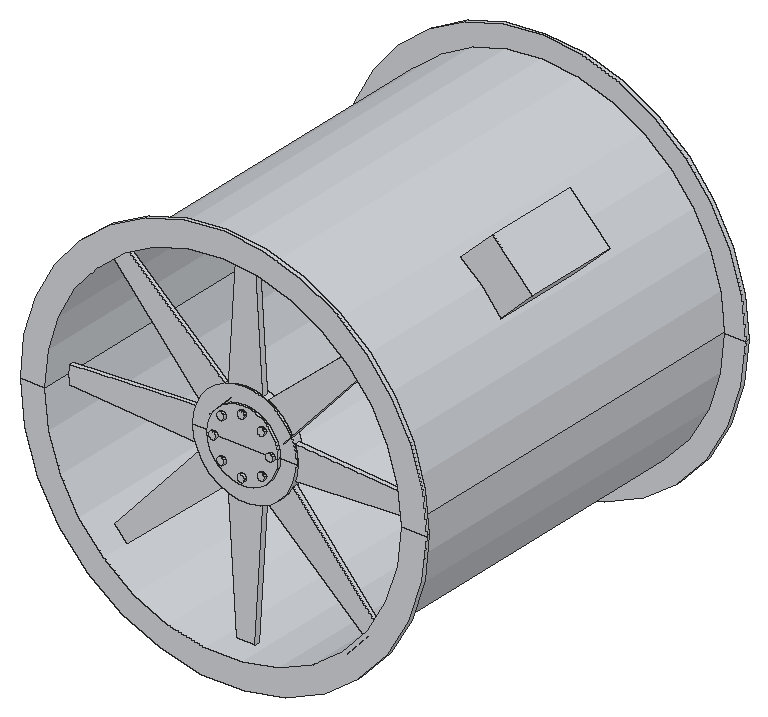
Revit family "CADS_Vent-Axia_MechEquip_Fan_LCA_500_3Ph4P - SUPPLY", category Mechanical Equipment, Revit 2020
Family settings
  Round Connector Dimension = Use Diameter
  Part Type = Normal
  OmniClass Number = 23.75.00.00
  OmniClass Title = Climate Control (HVAC)
  Work Plane-Based = No
  Always vertical = Yes
  Cut with Voids When Loaded = No
  Shared = No
  Room Calculation Point = No
Parameters (values of type "LCA503410")
  nr = NominalDiameter / 2  # 250 mm
  WorkingPressure = 0.0 Pa
  WarrantyStartDate [instance] = "1900-12-31T23:59:59"
  WarrantyPeriod = ""
  WarrantyIdentifier = "N/A"
  WarrantyGuarantorParts = "tech@vent-axia.com"
  WarrantyGuarantorLabor = "tech@vent-axia.com"
  WarrantyGuarantor = "Vent-Axia Limited"
  WarrantyEndDate [instance] = "1900-12-31T23:59:59"
  WarrantyContent = ""
  TemperatureRange = ""
  TagNumber [instance] = "N/A"
  SustainabilityPerformance = ""
  Status = "New"
  Size = ""
  Shape = ""
  ServiceLifeType = ""
  ServiceLifeDuration = ""
  SerialNumber [instance] = "N/A"
  ReplacementCost = ""
  RatedVoltage = 0 V
  RatedCurrent = 0 A
  Quantity = 1
  ProductionYear = ""
  PressureCurve = ""
  PowerFactor = ""
  PointOfContact = ""
  NumberOfPoles = 0
  NominalWidth = 500 mm
  NominalLength = 565 mm
  NominalHeight = 500 mm
  NominalFrequencyRange = ""
  NominalDiameter = 500 mm
  ModelReference = "LCAX 500mm 3PH 4P 10DEG"
  ModelNumber = "LCA503410"
  Material = ""
  ManufacturerE-Mail = "tech@vent-axia.com"
  ManufacturerAddress = "Fleming Way\nCrawley \nRH10 9YX"
  IsExtendedWarranty = no
  InsulationStandardClass = ""
  InstallationDate [instance] = "1900-12-31T23:59:59"
  IfcExportType [instance] = ""
  IfcExportAs = "IfcFanType"
  IP_Code = ""
  HasProtectiveEarth = no
  GrossWeight = 0.00 kg
  Grade = ""
  GlobalTradeItemNumber [instance] = "N/A"
  Fitting Type = "Ignore"
  Finish = ""
  Features = ""
  ExteriorInsulation = no
  ExpectedServiceLife = 0
  Exclusions = ""
  DurationUnit = "Year"
  Default Elevation = 0 mm
  Constituents = ""
  ConductorFunction = ""
  Color = ""
  CodePerformance = ""
  Category = ""
  CADS_Usage = 0
  CADS_Index = 0
  AssetType = "FIXED"
  AssetIdentifier [instance] = "N/A"
  AssemblyPlace = "UNKNOWN"
  ArticleNumber [instance] = "N/A"
  AirflowRateRange = 0.0 L/s
  Air Flow [instance] = 0.0 L/s
  AccessibilityPerformance = ""
Types (16, lengths in mm): name | ModelReference | ModelNumber
  LCA503410 | "LCAX 500mm 3PH 4P 10DEG" | "LCA503410"
  LCA503412 | "LCAX 500mm 3PH 4P 12DEG" | "LCA503412"
  LCA503414 | "LCAX 500mm 3PH 4P 14DEG" | "LCA503414"
  LCA503416 | "LCAX 500mm 3PH 4P 16DEG" | "LCA503416"
  LCA503418 | "LCAX 500mm 3PH 4P 18DEG" | "LCA503418"
  LCA503420 | "LCAX 500mm 3PH 4P 20DEG" | "LCA503420"
  LCA503422 | "LCAX 500mm 3PH 4P 22DEG" | "LCA503422"
  LCA503424 | "LCAX 500mm 3PH 4P 24DEG" | "LCA503424"
  LCA503426 | "LCAX 500mm 3PH 4P 26DEG" | "LCA503426"
  LCA503428 | "LCAX 500mm 3PH 4P 28DEG" | "LCA503428"
  LCA503430 | "LCAX 500mm 3PH 4P 30DEG" | "LCA503430"
  LCA503432 | "LCAX 500mm 3PH 4P 32DEG" | "LCA503432"
  LCA503434 | "LCAX 500mm 3PH 4P 34DEG" | "LCA503434"
  LCA503436 | "LCAX 500mm 3PH 4P 36DEG" | "LCA503436"
  LCA503438 | "LCAX 500mm 3PH 4P 38DEG" | "LCA503438"
  LCA503440 | "LCAX 500mm 3PH 4P 40DEG" | "LCA503440"
Reference planes
  plane 1 "Center (Front/Back)": y = 0
  plane 2: z = 0
  plane 3 "Center (Left/Right)": x = 0
  plane 4: x = -250
  plane 5: x = 250
  plane 6 "F": y = -282.5
  plane 7 "B": y = 282.5
  plane 8: x = -285
  plane 9: y = 277.5
  plane 10: y = -277.5
  plane 11: x = -255
  plane 12: y = -242.5
  plane 13 "top": z = 250
  plane 14: z = -250
  plane 15 "45deg": through (0, -1524, 0) normal (-0.7071, 0, -0.7071)
  plane 16 "C": through (0, -1524, 0) normal (-0.7071, 0, 0.7071)
Forms (mm)
  Revolve 1, solid
    sketch origin (0, 0, 0) x (1, 0, 0) y (0, 1, 0)
      loop
        line (-285, -282.5) -> (-250, -282.5) -> (-250, 282.5) -> (-285, 282.5) -> (-285, 277.5) -> (-255, 277.5) -> (-255, -277.5) -> (-285, -277.5) -> (-285, -282.5)
      axis (0, 282.5) -> (0, -282.5)
    angle from 0 to 360
  Sweep 2, solid
    path origin (0, 0, 0) x (1, 0, 0) y (0, 0, 1)
      loop
        line (176.777, 176.777) -> (222.739, 222.739)
    profile origin (199.758, 0, 199.758) x (-0.707107, 0, 0.707107) y (0, -1, 0)
      loop
        line (37.5, 55) -> (-42.73, 55) -> (-42.73, -79.5) -> (37.5, -79.5) -> (37.5, 55)
Dimensions and locks
  equal spacing: plane 4, plane 3 "Center (Left/Right)", plane 5
  equal spacing: plane 7 "B", plane 1 "Center (Front/Back)", plane 6 "F"
  "NominalLength": plane 7 "B" to plane 6 "F"
  "NominalDiameter": plane 4 to plane 5
  locked: plane 11 to plane 4 at 5
  locked: plane 8 to plane 11 at 30
  locked: plane 6 "F" to plane 10 at 5
  locked: plane 7 "B" to plane 9 at 5
  locked: plane 6 "F" to plane 12 at 40
  equal spacing: plane 13 "top", level, plane 14
  "NominalDiameter": plane 13 "top" to plane 14
  "nr": Sweep 2 sketch curve to nested 13
  Sweep 2 sketch curve to Sweep 2 sketch curve = 65 mm
  aligned and locked: level to plane 2
  aligned and locked: nested 1 to plane 12
Automatic sketch dimensions
  plane 6 "F" to Revolve 1 sketch curve = 0 mm
  Revolve 1 sketch curve to plane 8 = 0 mm  (x2)
  plane 10 to Revolve 1 sketch curve = 0 mm
  Revolve 1 sketch curve to plane 11 = 0 mm
  Revolve 1 sketch curve to plane 4 = 0 mm
  Revolve 1 sketch curve to plane 3 "Center (Left/Right)" = 0 mm
  plane 1 "Center (Front/Back)" to Revolve 1 sketch curve = 0 mm
  Revolve 1 sketch curve to plane 9 = 0 mm
  Revolve 1 sketch curve to plane 7 "B" = 0 mm
  plane 6 "F" to Revolve 1 sketch curve = 115 mm
  plane 1 "Center (Front/Back)" to Sweep 2 sketch curve = 55 mm
  Sweep 2 sketch curve to profile plane = 37.5 mm
  Sweep 2 sketch curve to Sweep 2 sketch curve = 80.23 mm
  Sweep 2 sketch curve to Sweep 2 sketch curve = 134.5 mm
  Sweep 2 sketch curve to plane 16 "C" = 0 mm  (x2)
Nested families
  nested 1: "Fan for ESC" at (0, -242.5, 0), ND <- "NominalDiameter", type "Fan for ESC"
    with hub 50 mm, ND 500 mm, BoltPCD 40 mm, Bolt Count 8, B_Diam 10 mm
  nested 2: "Bolts" at (0, -251.672, -40) x (-1, 0, 0) z (0, 1, 0), type "Bolts"
    with bd 10 mm
  nested 3: "Bolts" at (-28.284, -251.672, -28.284) x (-0.7071, 0, 0.7071) z (0, 1, 0), type "Bolts"
    with bd 10 mm
  nested 4: "Bolts" at (-40, -251.672, 0) x (0, 0, 1) z (0, 1, 0), type "Bolts"
    with bd 10 mm
  nested 5: "Bolts" at (-28.284, -251.672, 28.284) x (0.7071, 0, 0.7071) z (0, 1, 0), type "Bolts"
    with bd 10 mm
  nested 6: "Bolts" at (28.284, -251.672, 28.284) x (0.7071, 0, -0.7071) z (0, 1, 0), type "Bolts"
    with bd 10 mm
  nested 7: "Bolts" at (0, -251.672, 40) x (1, 0, 0) z (0, 1, 0), type "Bolts"
    with bd 10 mm
  nested 8: "ESC Blade" at (0, -242.5, 0), type "ESC Blade"
    with a 20.00°, HR 50 mm, HD 100 mm, BT 25 mm, BR 200 mm, BH 40 mm, BD 500 mm, BB 50 mm
  nested 9: "ESC Blade" at (0, -242.5, 0) x (0.7071, 0, -0.7071) z (0.7071, 0, 0.7071), type "ESC Blade"
    with a 20.00°, HR 50 mm, HD 100 mm, BT 25 mm, BR 200 mm, BH 40 mm, BD 500 mm, BB 50 mm
  nested 10: "ESC Blade" at (0, -242.5, 0) x (0, 0, -1) z (1, 0, 0), type "ESC Blade"
    with a 20.00°, HR 50 mm, HD 100 mm, BT 25 mm, BR 200 mm, BH 40 mm, BD 500 mm, BB 50 mm
  nested 11: "ESC Blade" at (0, -242.5, 0) x (-0.7071, 0, -0.7071) z (0.7071, 0, -0.7071), type "ESC Blade"
    with a 20.00°, HR 50 mm, HD 100 mm, BT 25 mm, BR 200 mm, BH 40 mm, BD 500 mm, BB 50 mm
  nested 12: "ESC Blade" at (0, -242.5, 0) x (-1, 0, 0) z (0, 0, -1), type "ESC Blade"
    with a 20.00°, HR 50 mm, HD 100 mm, BT 25 mm, BR 200 mm, BH 40 mm, BD 500 mm, BB 50 mm
  nested 13: "ESC Blade" at (0, -242.5, 0) x (-0.7071, 0, -0.7071) z (-0.7071, 0, 0.7071), type "ESC Blade"
    with a 20.00°, HR 50 mm, HD 100 mm, BT 25 mm, BR 200 mm, BH 40 mm, BD 500 mm, BB 50 mm
  nested 14: "ESC Blade" at (0, -242.5, 0) x (0, 0, -1) z (-1, 0, 0), type "ESC Blade"
    with a 20.00°, HR 50 mm, HD 100 mm, BT 25 mm, BR 200 mm, BH 40 mm, BD 500 mm, BB 50 mm
  nested 15: "ESC Blade" at (0, -242.5, 0) x (0.7071, 0, -0.7071) z (-0.7071, 0, -0.7071), type "ESC Blade"
    with a 20.00°, HR 50 mm, HD 100 mm, BT 25 mm, BR 200 mm, BH 40 mm, BD 500 mm, BB 50 mm
  nested 16: "Bolts" at (40, -251.672, 0) x (0, 0, -1) z (0, 1, 0), type "Bolts"
    with bd 10 mm
  nested 17: "Bolts" at (28.284, -251.672, -28.284) x (-0.7071, 0, -0.7071) z (0, 1, 0), type "Bolts"
    with bd 10 mm
Connectors
  hvac at (0, -282.5, 0), driven by "NominalDiameter", driven by "Air Flow"
    settings: on Revolve 1, index 1, duct flow 0.0 L/s, flow factor 0, pres drop 0.0 Pa, loss coef 0, conn angle 0.00°, conn width 304.8 mm, conn height 304.8 mm, conn diameter 500 mm, duct sys type 1, conn prof type 0, flow config 1, flow direction 1, loss method 0, conn ref index -1, conn util no, is conn primary yes, conn desc ""
  hvac at (0, 282.5, 0), driven by "NominalDiameter", driven by "Air Flow"
    settings: on Revolve 1, index 2, duct flow 0.0 L/s, flow factor 0, pres drop 0.0 Pa, loss coef 0, conn angle 0.00°, conn width 304.8 mm, conn height 304.8 mm, conn diameter 500 mm, duct sys type 1, conn prof type 0, flow config 0, flow direction 2, loss method 0, conn ref index -1, conn util no, is conn primary no, conn desc ""
Definition of nested family "Fan for ESC"
  Parameters (values of type "Fan for ESC")
    hub [instance] = ND / 10  # 56.7 mm
    ND [instance] = 567 mm
    Model = "."
    Default Elevation = 0 mm
    BoltPCD [instance] = hub - (hub * 0.2)  # 45.36 mm
    Bolt Count [instance] = if(hub < 50 mm, 6, 8)  # 8
    B_Diam [instance] = if(hub < 50 mm, 5 mm, 10 mm)  # 10 mm
  Reference planes
    plane 1 "Center (Front/Back)": y = 0
    plane 2: z = 0
    plane 3 "Center (Left/Right)": x = 0
    plane 4 "back": y = 20
    plane 5 "bolts": y = -9.172
    plane 6 "B": z = 56.7
    plane 7: x = -79.287
    plane 8: x = -56.7
    plane 9 "hubface": y = -6.172
  Forms (mm)
    Revolve 1, solid
      sketch origin (0, 0, 0) x (1, 0, 0) y (0, 1, 0)
        loop
          line (0, 20) -> (-56.7, 20) -> (-56.7, 10.504) -> (-79.287, 10.504) -> (-79.287, -2.597) -> (-56.7, -2.597) -> (-56.7, -6.172) -> (0, -6.172) -> (0, 20)
        axis (0, 20) -> (0, -6.172)
      angle from 0 to 360
    Extrusion 2, solid, not visible
      sketch origin (0, -6.347, -4) x (-1, 0, 0) y (0, 0, 1)
        loop
          circle (0, 84) r 5
      from 0 to 3
  Lines and regions (mm)
    symbolic lines
      curve 1: circle (0, -9.172, 0) r 45.36 normal (0, 1, 0)
    model lines, not visible
      curve 2: line (0, -6.347, 85) -> (0, -6.347, 75)
  Dimensions and locks
    "hub": plane 6 "B" to plane 2
    "hub": nested 3 to plane 3 "Center (Left/Right)"
    "hub": nested 4 to plane 3 "Center (Left/Right)"
    "hub": nested 5 to plane 3 "Center (Left/Right)"
    "hub": plane 3 "Center (Left/Right)" to nested 6
    "hub": Revolve 1 sketch curve to Revolve 1 sketch curve
    "hub": plane 3 "Center (Left/Right)" to nested 7
    "hub": plane 3 "Center (Left/Right)" to nested 8
    "hub": plane 3 "Center (Left/Right)" to nested 9
    "hub": plane 8 to plane 3 "Center (Left/Right)"
    plane 7 to plane 8 = 22.587 mm
    diameter of Extrusion 2 sketch curve = 10 mm
    "BoltPCD": radius of curve 1
    "BoltPCD": radius of radial array
    aligned and locked: level to plane 2
    aligned and locked: plane 6 "B" to nested 1
  Automatic sketch dimensions
    Revolve 1 sketch curve to plane 7 = 0 mm
    Revolve 1 sketch curve to plane 8 = 0 mm  (x2)
    Revolve 1 sketch curve to plane 3 "Center (Left/Right)" = 0 mm
    Revolve 1 sketch curve to plane 9 "hubface" = 0 mm
    plane 4 "back" to Revolve 1 sketch curve = 0 mm
    plane 1 "Center (Front/Back)" to Revolve 1 sketch curve = 2.597 mm
    plane 4 "back" to Revolve 1 sketch curve = 9.496 mm
    Revolve 1 sketch curve to Revolve 1 sketch curve = 5 mm
    Revolve 1 sketch curve to plane 4 "back" = 45 mm
    curve 1 to level = 0 mm
    curve 1 to plane 3 "Center (Left/Right)" = 0 mm
  Nested families
    nested 1: "ESC Blade" at (0, 0, 0), BD <- "ND", HD <- "hub", type "ESC Blade"
      with a 20.00°, HR 56.7 mm, HD 113.4 mm, BT 28.35 mm, BR 226.8 mm, BH 40 mm, BD 567 mm, BB 56.7 mm
    nested 2: "ESC Blade" at (0, 0, 755), BD <- "ND", HD <- "hub", type "ESC Blade", not visible
      with a 20.00°, HR 56.7 mm, HD 113.4 mm, BT 28.35 mm, BR 226.8 mm, BH 40 mm, BD 567 mm, BB 56.7 mm
    nested 3: "ESC Blade" at (0, 0, 0) x (0.7071, 0, -0.7071) z (0.7071, 0, 0.7071), BD <- "ND", HD <- "hub", type "ESC Blade"
      with a 20.00°, HR 56.7 mm, HD 113.4 mm, BT 28.35 mm, BR 226.8 mm, BH 40 mm, BD 567 mm, BB 56.7 mm
    nested 4: "ESC Blade" at (0, 0, 0) x (0, 0, -1) z (1, 0, 0), BD <- "ND", HD <- "hub", type "ESC Blade"
      with a 20.00°, HR 56.7 mm, HD 113.4 mm, BT 28.35 mm, BR 226.8 mm, BH 40 mm, BD 567 mm, BB 56.7 mm
    nested 5: "ESC Blade" at (0, 0, 0) x (-0.7071, 0, -0.7071) z (0.7071, 0, -0.7071), BD <- "ND", HD <- "hub", type "ESC Blade"
      with a 20.00°, HR 56.7 mm, HD 113.4 mm, BT 28.35 mm, BR 226.8 mm, BH 40 mm, BD 567 mm, BB 56.7 mm
    nested 6: "ESC Blade" at (0, 0, 0) x (-1, 0, 0) z (0, 0, -1), BD <- "ND", HD <- "hub", type "ESC Blade"
      with a 20.00°, HR 56.7 mm, HD 113.4 mm, BT 28.35 mm, BR 226.8 mm, BH 40 mm, BD 567 mm, BB 56.7 mm
    nested 7: "ESC Blade" at (0, 0, 0) x (-0.7071, 0, -0.7071) z (-0.7071, 0, 0.7071), BD <- "ND", HD <- "hub", type "ESC Blade"
      with a 20.00°, HR 56.7 mm, HD 113.4 mm, BT 28.35 mm, BR 226.8 mm, BH 40 mm, BD 567 mm, BB 56.7 mm
    nested 8: "ESC Blade" at (0, 0, 0) x (0, 0, -1) z (-1, 0, 0), BD <- "ND", HD <- "hub", type "ESC Blade"
      with a 20.00°, HR 56.7 mm, HD 113.4 mm, BT 28.35 mm, BR 226.8 mm, BH 40 mm, BD 567 mm, BB 56.7 mm
    nested 9: "ESC Blade" at (0, 0, 0) x (0.7071, 0, -0.7071) z (-0.7071, 0, -0.7071), BD <- "ND", HD <- "hub", type "ESC Blade"
      with a 20.00°, HR 56.7 mm, HD 113.4 mm, BT 28.35 mm, BR 226.8 mm, BH 40 mm, BD 567 mm, BB 56.7 mm
    nested 10: "Bolts" at (0, -9.172, 45.36) x (1, 0, 0) z (0, 1, 0), bd <- "B_Diam", type "Bolts"
      with bd 10 mm
    nested 11: "Bolts" at (32.074, -9.172, 32.074) x (0.7071, 0, -0.7071) z (0, 1, 0), bd <- "B_Diam", type "Bolts"
      with bd 10 mm
    nested 12: "Bolts" at (-32.074, -9.172, 32.074) x (0.7071, 0, 0.7071) z (0, 1, 0), bd <- "B_Diam", type "Bolts"
      with bd 10 mm
    nested 13: "Bolts" at (-45.36, -9.172, 0) x (0, 0, 1) z (0, 1, 0), bd <- "B_Diam", type "Bolts"
      with bd 10 mm
    nested 14: "Bolts" at (-32.074, -9.172, -32.074) x (-0.7071, 0, 0.7071) z (0, 1, 0), bd <- "B_Diam", type "Bolts"
      with bd 10 mm
    nested 15: "Bolts" at (0, -9.172, -45.36) x (-1, 0, 0) z (0, 1, 0), bd <- "B_Diam", type "Bolts"
      with bd 10 mm
    nested 16: "Bolts" at (32.074, -9.172, -32.074) x (-0.7071, 0, -0.7071) z (0, 1, 0), bd <- "B_Diam", type "Bolts"
      with bd 10 mm
    nested 17: "Bolts" at (45.36, -9.172, 0) x (0, 0, -1) z (0, 1, 0), bd <- "B_Diam", type "Bolts"
      with bd 10 mm
  Definition of nested family "ESC Blade"
    Parameters (values of type "ESC Blade")
      a [instance] = 20.00°
      HR [instance] = HD / 2  # 30 mm
      HD [instance] = BD / 5  # 60 mm
      Default Elevation = 1219.2 mm
      BT [instance] = BD / 20  # 15 mm
      BR [instance] = (BD / 2) - HR  # 120 mm
      BH [instance] = 40 mm
      BD [instance] = 300 mm
      BB [instance] = BD / 10  # 30 mm
    Reference planes
      plane 1 "Center (Front/Back)": y = 0
      plane 2: z = 0
      plane 3 "Center (Left/Right)": x = 0
      plane 4 "Blade Bot": z = 30
      plane 5: x = -15
      plane 6: x = 15
      plane 7: x = -7.5
      plane 8: x = 7.5
    Forms (mm)
      Blend 1, solid
        base sketch origin (0, 0, 30) x (-1, 0, 0) y (0, -1, 0)
          loop
            line (15, 0) -> (-15, 0) -> (-15, -6) -> (15, -6) -> (15, 0)
        top sketch origin (0, 0, 30) x (-1, 0, 0) y (0, -1, 0)
          loop
            line (7.5, -6) -> (7.5, 0) -> (-7.5, 0) -> (-7.5, -6) -> (7.5, -6)
        from 0 to 120 <- "BR"
    Dimensions and locks
      "HR": plane 4 "Blade Bot" to level
      equal spacing: plane 8, plane 3 "Center (Left/Right)", plane 7
      "BT": plane 8 to plane 7
      equal spacing: plane 6, plane 3 "Center (Left/Right)", plane 5
      "BB": plane 6 to plane 5
      aligned and locked: level to plane 2
    Automatic sketch dimensions
      plane 1 "Center (Front/Back)" to Blend 1 sketch curve = 0 mm  (x2)
      Blend 1 sketch curve to plane 6 = 0 mm
      Blend 1 sketch curve to plane 5 = 0 mm
      Blend 1 sketch curve to plane 1 "Center (Front/Back)" = 6 mm  (x2)
      Blend 1 sketch curve to plane 8 = 0 mm
      Blend 1 sketch curve to plane 7 = 0 mm
  Definition of nested family "Bolts"
    Parameters
      bd [instance] = 10 mm
      Default Elevation = 1219.2 mm
    Reference planes
      plane 1 "Center (Front/Back)": y = 0
      plane 2: z = 0
      plane 3 "Center (Left/Right)": x = 0
    Forms (mm)
      Extrusion 1, solid
        sketch origin (0, 0, 0) x (1, 0, 0) y (0, 1, 0)
          loop
            line (-1219.2, 1219.2) -> (-1219.2, -1219.2) -> (1219.2, -1219.2) -> (1219.2, 1219.2) -> (-1219.2, 1219.2)
        from 0 to -304.8
      Extrusion 2, solid
        sketch origin (0, 0, 0) x (1, 0, 0) y (0, 1, 0)
          loop
            circle (0, 0) r 5
        from 0 to 3
    Dimensions and locks
      "bd": diameter of Extrusion 2 sketch curve
      aligned and locked: plane 2 to Extrusion 1
      aligned and locked: level to Extrusion 1
    Automatic sketch dimensions
      Extrusion 1 sketch curve to Extrusion 1 sketch curve = 2438.4 mm  (x2)
      plane 1 "Center (Front/Back)" to Extrusion 2 sketch curve = 0 mm
      Extrusion 2 sketch curve to plane 3 "Center (Left/Right)" = 0 mm
Definition of nested family "Bolts"
  Parameters
    bd [instance] = 10 mm
    Default Elevation = 1219.2 mm
  Reference planes
    plane 1 "Center (Front/Back)": y = 0
    plane 2: z = 0
    plane 3 "Center (Left/Right)": x = 0
  Forms (mm)
    Extrusion 1, solid
      sketch origin (0, 0, 0) x (1, 0, 0) y (0, 1, 0)
        loop
          line (-1219.2, 1219.2) -> (-1219.2, -1219.2) -> (1219.2, -1219.2) -> (1219.2, 1219.2) -> (-1219.2, 1219.2)
      from 0 to -304.8
    Extrusion 2, solid
      sketch origin (0, 0, 0) x (1, 0, 0) y (0, 1, 0)
        loop
          circle (0, 0) r 5
      from 0 to 3
  Dimensions and locks
    "bd": diameter of Extrusion 2 sketch curve
    aligned and locked: plane 2 to Extrusion 1
    aligned and locked: level to Extrusion 1
  Automatic sketch dimensions
    Extrusion 1 sketch curve to Extrusion 1 sketch curve = 2438.4 mm  (x2)
    plane 1 "Center (Front/Back)" to Extrusion 2 sketch curve = 0 mm
    Extrusion 2 sketch curve to plane 3 "Center (Left/Right)" = 0 mm
Definition of nested family "ESC Blade"
  Parameters (values of type "ESC Blade")
    a [instance] = 20.00°
    HR [instance] = HD / 2  # 30 mm
    HD [instance] = BD / 5  # 60 mm
    Default Elevation = 1219.2 mm
    BT [instance] = BD / 20  # 15 mm
    BR [instance] = (BD / 2) - HR  # 120 mm
    BH [instance] = 40 mm
    BD [instance] = 300 mm
    BB [instance] = BD / 10  # 30 mm
  Reference planes
    plane 1 "Center (Front/Back)": y = 0
    plane 2: z = 0
    plane 3 "Center (Left/Right)": x = 0
    plane 4 "Blade Bot": z = 30
    plane 5: x = -15
    plane 6: x = 15
    plane 7: x = -7.5
    plane 8: x = 7.5
  Forms (mm)
    Blend 1, solid
      base sketch origin (0, 0, 30) x (-1, 0, 0) y (0, -1, 0)
        loop
          line (15, 0) -> (-15, 0) -> (-15, -6) -> (15, -6) -> (15, 0)
      top sketch origin (0, 0, 30) x (-1, 0, 0) y (0, -1, 0)
        loop
          line (7.5, -6) -> (7.5, 0) -> (-7.5, 0) -> (-7.5, -6) -> (7.5, -6)
      from 0 to 120 <- "BR"
  Dimensions and locks
    "HR": plane 4 "Blade Bot" to level
    equal spacing: plane 8, plane 3 "Center (Left/Right)", plane 7
    "BT": plane 8 to plane 7
    equal spacing: plane 6, plane 3 "Center (Left/Right)", plane 5
    "BB": plane 6 to plane 5
    aligned and locked: level to plane 2
  Automatic sketch dimensions
    plane 1 "Center (Front/Back)" to Blend 1 sketch curve = 0 mm  (x2)
    Blend 1 sketch curve to plane 6 = 0 mm
    Blend 1 sketch curve to plane 5 = 0 mm
    Blend 1 sketch curve to plane 1 "Center (Front/Back)" = 6 mm  (x2)
    Blend 1 sketch curve to plane 8 = 0 mm
    Blend 1 sketch curve to plane 7 = 0 mm
